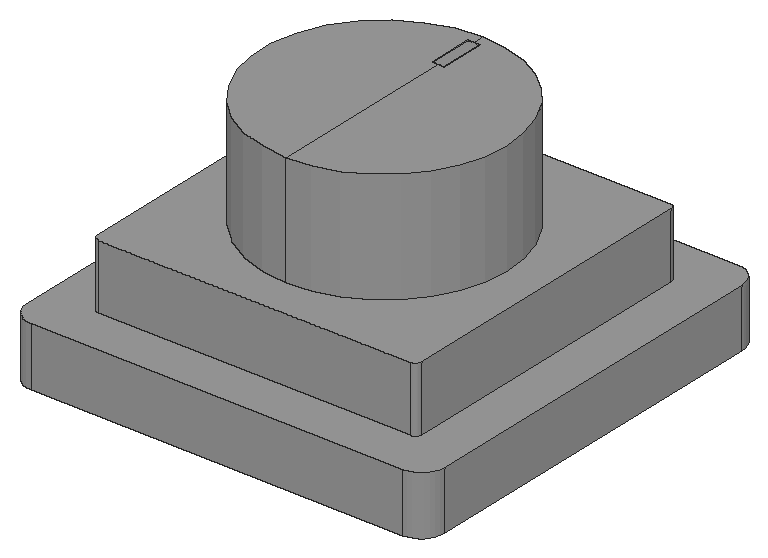
Revit family "2CKA006599A3017", category Electrical Fixtures, host Face, Revit 2014
Parameters
  White = White
  Indicator = Red
  Default Elevation = 1219.2 mm
Reference planes
  plane 1 "Center (Front/Back)": y = 0
  plane 2: z = 0
  plane 3 "Center (Left/Right)": x = 0
Forms (mm)
  Sweep 1, solid, material "White", not visible, detail levels fine
    path origin (-35.4, 0, 0) x (1, 0, 0) y (0, 1, 0)
      loop
        line (-149, 42.8) -> (-149, -42.8) -> (219.8, -42.8) -> (219.8, 42.8) -> (-149, 42.8)
    profile origin (0, 42.8, 0) x (0, 1, 0) y (0, 0, 1)
      loop
        line (-14.8, 0) -> (0, 0) -> (0, 5.5)
        arc (0, 5.5) -> (-7.101, 9.056) -> (-14.8, 11) r 36.681
        line (-14.8, 11) -> (-14.8, 0)
  Extrusion 2, solid, material "White", not visible, detail levels fine
    sketch origin (-35.4, 0, 0) x (1, 0, 0) y (0, 1, 0)
      loop
        line (-7.4, 28) -> (-7.4, -28) -> (7.4, -28) -> (7.4, 28) -> (-7.4, 28)
    from 0 to 11
  Extrusion 3, solid, material "White", not visible, detail levels fine
    sketch origin (-106.2, 0, 0) x (1, 0, 0) y (0, 1, 0)
      loop
        line (-7.4, 28) -> (-7.4, -28) -> (7.4, -28) -> (7.4, 28) -> (-7.4, 28)
    from 0 to 11
  Extrusion 4, solid, material "White", not visible, detail levels fine
    sketch origin (35.4, 0, 0) x (-1, 0, 0) y (0, -1, 0)
      loop
        line (-7.4, -28) -> (7.4, -28) -> (7.4, 28) -> (-7.4, 28) -> (-7.4, -28)
    from 0 to 11
  Extrusion 5, solid, material "White", not visible, detail levels fine
    sketch origin (106.2, 0, 0) x (-1, 0, 0) y (0, -1, 0)
      loop
        line (-7.4, -28) -> (7.4, -28) -> (7.4, 28) -> (-7.4, 28) -> (-7.4, -28)
    from 0 to 11
  Extrusion 6, solid, material "White", not visible, detail levels medium
    sketch origin (0, 0, 0) x (1, 0, 0) y (0, 1, 0)
      loop
        line (-184.4, 42.8) -> (-184.4, -42.8) -> (184.4, -42.8) -> (184.4, 42.8) -> (-184.4, 42.8)
      loop
        line (-169.6, 28) -> (-169.6, -28) -> (-113.6, -28) -> (-113.6, 28) -> (-169.6, 28)
      loop
        line (-98.8, 28) -> (-98.8, -28) -> (-42.8, -28) -> (-42.8, 28) -> (-98.8, 28)
      loop
        line (-28, 28) -> (-28, -28) -> (28, -28) -> (28, 28) -> (-28, 28)
      loop
        line (42.8, 28) -> (42.8, -28) -> (98.8, -28) -> (98.8, 28) -> (42.8, 28)
      loop
        line (113.6, 28) -> (113.6, -28) -> (169.6, -28) -> (169.6, 28) -> (113.6, 28)
    from 0 to 11
  Extrusion 7, solid, material "White", not visible, detail levels coarse
    sketch origin (0, 0, 0) x (1, 0, 0) y (0, 1, 0)
      loop
        line (-184.4, 42.8) -> (-184.4, -42.8) -> (184.4, -42.8) -> (184.4, 42.8) -> (-184.4, 42.8)
    from 0 to 11
  Extrusion 8, solid, material "White", detail levels coarse
    sketch origin (0, 0, 0) x (1, 0, 0) y (0, 1, 0)
      loop
        line (-35.5, 35.5) -> (-35.5, -35.5) -> (35.5, -35.5) -> (35.5, 35.5) -> (-35.5, 35.5)
    from -10 to 30
  Extrusion 9, solid, material "White" <- "White", detail levels fine
    sketch origin (0, 0, 0) x (1, 0, 0) y (0, 1, 0)
      loop
        arc (26.5, -27.5) -> (27.207, -27.207) -> (27.5, -26.5) r 1
        line (27.5, -26.5) -> (27.5, 26.5)
        arc (27.5, 26.5) -> (27.207, 27.207) -> (26.5, 27.5) r 1
        line (26.5, 27.5) -> (-26.5, 27.5)
        arc (-26.5, 27.5) -> (-27.207, 27.207) -> (-27.5, 26.5) r 1
        line (-27.5, 26.5) -> (-27.5, -26.5)
        arc (-27.5, -26.5) -> (-27.207, -27.207) -> (-26.5, -27.5) r 1
        line (-26.5, -27.5) -> (26.5, -27.5)
    from 0 to 11
  Extrusion 10, solid, material "White" <- "White", detail levels fine
    sketch origin (0, 0, 0) x (1, 0, 0) y (0, 1, 0)
      loop
        arc (35.5, 31.5) -> (34.328, 34.328) -> (31.5, 35.5) r 4
        line (31.5, 35.5) -> (-31.5, 35.5)
        arc (-31.5, 35.5) -> (-34.328, 34.328) -> (-35.5, 31.5) r 4
        line (-35.5, 31.5) -> (-35.5, -31.5)
        arc (-35.5, -31.5) -> (-34.328, -34.328) -> (-31.5, -35.5) r 4
        line (-31.5, -35.5) -> (31.5, -35.5)
        arc (31.5, -35.5) -> (34.328, -34.328) -> (35.5, -31.5) r 4
        line (35.5, -31.5) -> (35.5, 31.5)
    from 0 to -10
  Revolve 11, solid, material "White" <- "White", detail levels fine
    sketch origin (0, 0, 0) x (0, 1, 0) y (0, 0, 1)
      loop
        line (0, 9) -> (0, 30) -> (-20.9, 30) -> (-20.9, 10) -> (-21.9, 10) -> (-21.9, 9) -> (0, 9)
      axis (0, 30) -> (0, 9)
    angle from 0 to 360
  Extrusion 12, solid, material "White" <- "White", detail levels medium
    sketch origin (0, 0, 0) x (1, 0, 0) y (0, 1, 0)
      loop
        line (35.5, 35.5) -> (-35.5, 35.5) -> (-35.5, -35.5) -> (35.5, -35.5) -> (35.5, 35.5)
    from 0 to -10
  Extrusion 13, solid, material "White" <- "White", detail levels medium
    sketch origin (0, 0, 0) x (1, 0, 0) y (0, 1, 0)
      loop
        line (27.5, -27.5) -> (27.5, 27.5) -> (-27.5, 27.5) -> (-27.5, -27.5) -> (27.5, -27.5)
    from 0 to 11
  Revolve 14, solid, material "White" <- "White", detail levels medium
    sketch origin (0, 0, 0) x (0, 1, 0) y (0, 0, 1)
      loop
        line (0, 9) -> (0, 30) -> (-20.9, 30) -> (-20.9, 9) -> (0, 9)
      axis (0, 30) -> (0, 9)
    angle from 0 to 360
  Extrusion 15, void
    sketch origin (0, 0, 0) x (1, 0, 0) y (0, 1, 0)
      loop
        line (1, 18.971) -> (-1, 18.971) -> (-1, 11.471) -> (1, 11.471) -> (1, 18.971)
    from 27.337 to 34.727
  Extrusion 16, solid, material "Red" <- "Indicator", detail levels fine
    sketch origin (0, 0, 0) x (1, 0, 0) y (0, 1, 0)
      loop
        line (1, 18.971) -> (-1, 18.971) -> (-1, 11.471) -> (1, 11.471) -> (1, 18.971)
    from 27.337 to 30
Cuts and joins
  Extrusion 15 cuts Revolve 11
Lines and regions (mm)
  model lines, detail levels medium
    curve 1: line (-1, 18.971, 30) -> (-1, 11.471, 30)
    curve 2: line (1, 18.971, 30) -> (-1, 18.971, 30)
    curve 3: line (1, 11.471, 30) -> (1, 18.971, 30)
    curve 4: line (-1, 11.471, 30) -> (1, 11.471, 30)
Dimensions and locks
  aligned and locked: plane 2 to host face
  aligned and locked: level to host face
  aligned and locked: plane 3 "Center (Left/Right)" to nested 1
  aligned and locked: plane 1 "Center (Front/Back)" to nested 1
Nested families
  nested 1: "SwitchDimmerOnePole_DE-DE_2014" at (0, 0, 0), type "SwitchDimmerOnePole_DE-DE_2014"
Connectors
  electrical at (0, 0, 0)
    settings: on Extrusion 10, index 1, voltage 230 V, apparent load 0 VA, apparent load phase1 0 VA, apparent load phase2 0 VA, apparent load phase3 0 VA, power factor 1, load classification "Other", number of poles 1, system type 30, power factor state 1, is connector primary yes, connector utility no, sub classification motor no, connector description ""
Definition of nested family "SwitchDimmerOnePole_DE-DE_2014"
  Reference planes
    plane 1: y = 0
    plane 2: x = 0
  Lines and regions (mm)
    detail lines
      curve 1: circle (0, 1.25, 0) r 1.25 normal (0, 0, 1)
      curve 2: line (0.625, 2.333, 0) -> (2.742, 6, 0)
      curve 3: line (-0.844, 3.501, 0) -> (3.156, 3.501, 0)
      curve 4: line (3.156, 5.001, 0) -> (-0.844, 3.501, 0)
      curve 5: line (3.156, 3.501, 0) -> (3.156, 5.001, 0)
      curve 6: line (2.742, 6, 0) -> (3.955, 5.3, 0)
